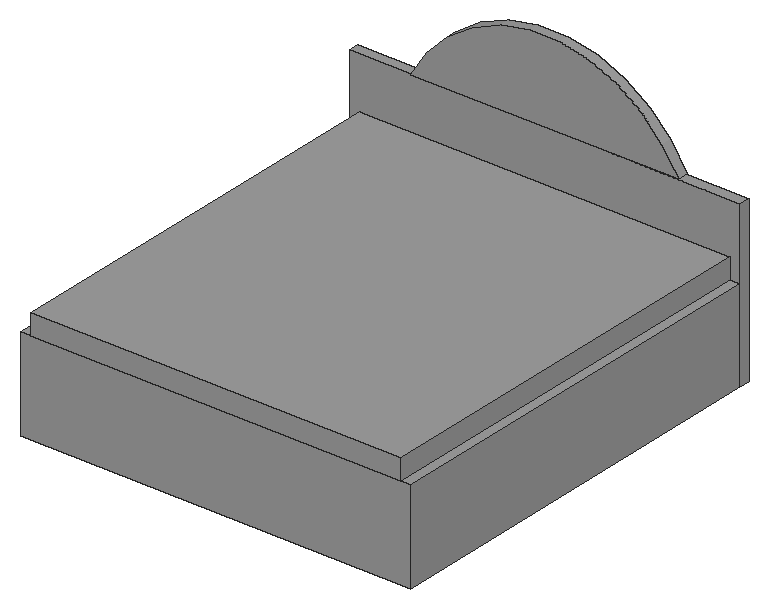
Revit family "Bed", category 家具, Revit 2025
Family settings
  OmniClass 编号 = 23.40.20.00
  OmniClass 标题 = General Furniture and Specialties
  基于工作平面 = 否
  视图中启用分割 = 否
  总是垂直 = 是
  载入时剪切的空心 = 否
  渲染外观源 = 族几何图形
  共享 = 否
  房间计算点 = 否
Parameters (values of type "Bed")
  默认高程 = 0 mm
  TwoCabinets = no
Types (3, lengths in mm): name | TwoCabinets
  TwoCabs_Bed | yes
  Only_Bed | no
  Bed | no
Reference planes
  plane 1 "中心(前/后)": y = 0
  plane 2: z = 0
  plane 3 "中心(左/右)": x = 0
  plane 4: x = 950
  plane 5: x = -950
  plane 6: y = 1000
  plane 7: y = -1000
  plane 8: x = -900
  plane 9: x = 900
  plane 10: y = 1050
  plane 11: z = 1200
  plane 12: x = -650
  plane 13: x = 650
Forms (mm)
  Extrusion 1, solid, material "默认墙"
    sketch origin (0, 0, 0) x (1, 0, 0) y (0, 1, 0)
      loop
        line (-950, 1000) -> (-950, -1000) -> (950, -1000) -> (950, 1000) -> (-950, 1000)
    from 0 to 450
  Extrusion 2, solid, material "默认墙"
    sketch origin (0, 0, 0) x (1, 0, 0) y (0, 1, 0)
      loop
        line (-900, 1000) -> (-900, -1000) -> (900, -1000) -> (900, 1000) -> (-900, 1000)
    from 450 to 550
  Extrusion 3, solid, material "默认墙"
    sketch origin (0, 0, 0) x (1, 0, 0) y (0, 1, 0)
      loop
        line (-950, 1050) -> (-950, 1000) -> (950, 1000) -> (950, 1050) -> (-950, 1050)
    from 0 to 800
  Extrusion 4, solid, material "默认墙"
    sketch origin (0, 0, 0) x (1, 0, 0) y (0, 0, 1)
      loop
        line (-650, 800) -> (650, 800)
        arc (650, 800) -> (0, 1200) -> (-650, 800) r 728.125
    from -1000 to -1050
Dimensions and locks
  aligned and locked: level to plane 2
Nested families
  nested 1: "Cabinet" at (-1270, 860, 0), visible <- "TwoCabinets", type "Cabinet"
  nested 2: "Cabinet" at (1270, 860, 0), visible <- "TwoCabinets", type "Cabinet"
Definition of nested family "Cabinet"
  Parameters
    Default Elevation = 0 mm
  Reference planes
    plane 1 "中心(前/后)": y = 0
    plane 2: z = 0
    plane 3 "中心(左/右)": x = 0
    plane 4: x = 270
    plane 5: x = -270
    plane 6: y = 197
    plane 7: y = -197
    plane 8: x = -320
    plane 9: x = 320
    plane 10: y = -247
  Forms (mm)
    Extrusion 1, solid
      sketch origin (0, 0, 0) x (1, 0, 0) y (0, 1, 0)
        loop
          line (-270, 197) -> (-270, -197) -> (270, -197) -> (270, 197) -> (-270, 197)
      from 0 to 600
    Extrusion 2, solid
      sketch origin (0, 0, 0) x (1, 0, 0) y (0, 1, 0)
        loop
          line (-320, 197) -> (-320, -247) -> (-270, -247) -> (-270, 197) -> (-320, 197)
        loop
          line (270, 197) -> (270, -247) -> (320, -247) -> (320, 197) -> (270, 197)
      from 0 to 650
  Dimensions and locks
    aligned and locked: level to plane 2
